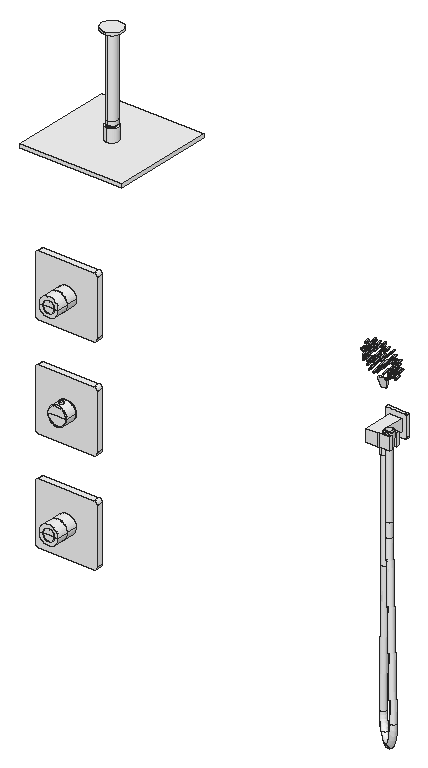
Revit family "Reece_Shower_American Standard_Cygnet_Shower Set_Overhead and Hand Shower_Square", category Plumbing Fixtures, Revit 2018
Family settings
  Round Connector Dimension = Use Diameter
  Part Type = Normal
  Work Plane-Based = Yes
  Always vertical = Yes
  Cut with Voids When Loaded = Yes
  Shared = Yes
  Room Calculation Point = Yes
Parameters (values of type "Chrome")
  URL = "https://www.reece.com.au/product/-9508977"
  Type Comments = "Shower"
  Reece_Shower_Visibility_Hand Shower_2 [instance] = not(Reece_Shower_Visibility_Hand Shower_1)  # no
  Reece_Shower_Visibility_Hand Shower_1 [instance] = yes
  Reece_Shower_Thermostatic Mixer Offset [instance] = 300 mm
  Reece_Shower_Thermostatic Mixer Height [instance] = 1250 mm
  Reece_Shower_Shower Room Width [instance] = 1500 mm
  Reece_Shower_Shower Room Height [instance] = 2300 mm
  Reece_Shower_Shower Room Depth [instance] = 1000 mm
  Reece_Shower_Shower Haed Offset [instance] = 250 mm
  Reece_Shower_Shower Arm Length [instance] = 200 mm
  Reece_Shower_PreSet Controller Offset [instance] = 1000 mm
  Reece_Shower_PreSet Controller Height [instance] = 1250 mm
  Reece_Shower_Overhead Shower Controller Offset [instance] = 300 mm
  Reece_Shower_Overhead Shower Controller Height [instance] = 1500 mm
  Reece_Shower_Inlet = 12 mm  # constant formula
  Reece_Shower_Hand Shower (2) Offset [instance] = 500 mm
  Reece_Shower_Hand Shower (1) Offset [instance] = 500 mm
  Reece_Shower_Hand Shower (1) Height [instance] = 1500 mm
  Reece_Shower_Hand Shower Controller Offset = 300 mm
  Reece_Shower_Hand Shower Controller Height [instance] = 1000 mm
  Reece_Shower_Hand Shower (2) Height [instance] = 1500 mm
  Reece_Shower_Body Shower Controller Offset [instance] = 300 mm
  Reece_Shower_Body Shower Controller Height [instance] = 750 mm
  Reece_Product_Web Page = "https://www.reece.com.au/product/-9508977"
  Reece_Product_Type = "Shower"  # constant formula
  Reece_Product_Sub Brand = "Cygnet"  # constant formula
  Reece_Product_Number = "9508977"
  Reece_Product_Mount = "Wall Mounted"
  Reece_Product_Description = "American Standard Cygnet Easyset Thermo Ctrl+Sqr Oh+H/Shwr"
  Reece_Product_Brand = "American Standard"  # constant formula
  Reece_Overall_Width [instance] = 758 mm
  Reece_Overall_Projection [instance] = 375 mm
  Reece_Overall_Height [instance] = 1625.5 mm
  Reece_Material_Secondary = Reece_Plastic_ABS
  Reece_Material_Main = Reece_Brass_Chrome
  Reece_Material_Colour = Reece_Plastic_White
  Reece_Detail_Shape = "Square"  # constant formula
  Reece_Detail_Disclaimer = "THIS FILE IS THE PROPERTY OF THE REECE GROUP. IT MAY NOT BE REPRODUCED, REVERSE-ENGINEERED OR MODIFIED. ANY REPUBLICATION, TRANSMISSION OR DISTRIBUTION FOR THE PURPOSE OF COMMERCIALLY EXPLOITING THE FILES IS PROHIBITED."  # constant formula
  Reece_Detail_Additional = "Overhead and Handshower"  # constant formula
  Model = "Cygnet"
  Manufacturer = "American Standard"
  Keynote = "Product #9508977, Reece_Shower_American Standard_Cygnet_Shower Set_Overhead and Hand Shower_Square - Chrome"
  Disclaimer = "THIS FILE IS THE PROPERTY OF THE REECE GROUP. IT MAY NOT BE REPRODUCED, REVERSE-ENGINEERED OR MODIFIED. ANY REPUBLICATION, TRANSMISSION OR DISTRIBUTION FOR THE PURPOSE OF COMMERCIALLY EXPLOITING THE FILES IS PROHIBITED."  # constant formula
  Description = "American Standard EasySET Thermo Controller Cygnet Square Overhead Hand Shower Chrome (3 Star)"
  Default Elevation = 0 mm
Reference planes
  plane 1 "Center (Front/Back)": y = 0
  plane 2 "Hand Shower (1) Height": z = 1500
  plane 3 "Center (Left/Right)": x = 0
  plane 4 "Bottom Of Invisible Line": z = -5
  plane 5 "Shower Head Hight": z = 2042
  plane 6: y = -64
  plane 7 "Hand Shower (1) CL": x = 500
  plane 8: x = 382.5
  plane 9: y = -375
  plane 10 "Shower Head CL": y = -250
  plane 11 "Body Shower Controller CL": x = -300
  plane 12 "PreSet Controller CL": x = -1000
  plane 13 "Overhead Shower Controller Height": z = 1500
  plane 14 "Overhead Shower Controller CL": x = -300
  plane 15 "Handshower Controller CL": x = -300
  plane 16 "Thermostatic Mixer CL": x = -300
  plane 17 "Shower Arm Length": z = 2100
  plane 18 "Thermostatic Mixer Height": z = 1250
  plane 19 "Hand Shower Controller Height": z = 1000
  plane 20 "Body Shower Controller Height": z = 750
  plane 21 "PreSet Controller Height": z = 1250
  plane 22: z = 674.5
  plane 23: x = -375.5
  plane 24 "Shower Room Height": z = 2300
  plane 25 "Shower Room Boundary (Right)": x = 750
  plane 26 "Shower Room Boundary (Left)": x = -750
  plane 27 "Shower Room Boundary (Front)": y = -1000
  plane 28 "Hand Shower (2) Height": z = 1500
  plane 29 "Hand Shower (2) CL": y = -500
  plane 30: x = 530
  plane 31: y = -530
  plane 32: x = 686
Forms (mm)
  Revolve 1, solid, material "Reece_Brass_Chrome" <- "Reece_Material_Main", visible <- "Reece_Shower_Visibility_Hand Shower_1"
    sketch origin (530, -9.85, -0.495) x (0, 1, 0) y (0, 0, 1)
      loop
        line (-62.65, 1519.5) -> (-63.553, 1519.5)
        arc (-63.553, 1519.5) -> (-63.983, 1519.319) -> (-64.152, 1518.883) r 0.598
        line (-64.152, 1518.883) -> (-63.25, 1486.077)
        arc (-63.25, 1486.077) -> (-63.068, 1485.664) -> (-62.65, 1485.495) r 0.6
        line (-62.65, 1485.495) -> (-61.15, 1485.495) -> (-61.15, 1487.5) -> (-54.15, 1487.5) -> (-54.15, 1511.5) -> (-62.65, 1511.5) -> (-62.65, 1519.5)
      axis (-54.15, 1485.495) -> (-54.15, 1519.5)
    angle from 0 to 360
  Extrusion 2, solid, material "Reece_Brass_Chrome" <- "Reece_Material_Main", visible <- "Reece_Shower_Visibility_Hand Shower_1"
    sketch origin (300, -50, 0) x (1, 0, 0) y (0, 0, 1)
      loop
        line (178, 1472) -> (222, 1472)
        arc (222, 1472) -> (224.828, 1473.172) -> (226, 1476) r 4
        line (226, 1476) -> (226, 1524)
        arc (226, 1524) -> (224.828, 1526.828) -> (222, 1528) r 4
        line (222, 1528) -> (178, 1528)
        arc (178, 1528) -> (175.172, 1526.828) -> (174, 1524) r 4
        line (174, 1524) -> (174, 1476)
        arc (174, 1476) -> (175.172, 1473.172) -> (178, 1472) r 4
    from -50 to -44
  Extrusion 3, solid, material "Reece_Brass_Chrome" <- "Reece_Material_Main", visible <- "Reece_Shower_Visibility_Hand Shower_1"
    sketch origin (0, 0, 1500) x (1, 0, 0) y (0, 1, 0)
      loop
        line (515, -6) -> (485, -6) -> (485, -80) -> (515, -80) -> (515, -78) -> (543, -78) -> (543, -72) -> (537.944, -72)
        arc (537.944, -72) -> (517, -64) -> (537.944, -56) r 12
        line (537.944, -56) -> (543, -56) -> (543, -50) -> (515, -50) -> (515, -6)
    from -15 to 15
  Extrusion 4, solid, material "Reece_Brass_Chrome" <- "Reece_Material_Main", visible <- "Reece_Shower_Visibility_Hand Shower_2"
    sketch origin (750, -1524, 1500) x (0, -1, 0) y (-1, 0, 0)
      loop
        line (-1009, 6) -> (-1009, 50) -> (-981, 50) -> (-981, 56) -> (-986.056, 56)
        arc (-986.056, 56) -> (-1007, 64) -> (-986.056, 72) r 12
        line (-986.056, 72) -> (-981, 72) -> (-981, 78) -> (-1009, 78) -> (-1009, 80) -> (-1039, 80) -> (-1039, 6) -> (-1009, 6)
    from -15 to 15
  Extrusion 5, solid, material "Reece_Brass_Chrome" <- "Reece_Material_Main", visible <- "Reece_Shower_Visibility_Hand Shower_2"
    sketch origin (0, 0, 0) x (0, 1, 0) y (0, 0, 1)
      loop
        arc (-478, 1472) -> (-475.172, 1473.172) -> (-474, 1476) r 4
        line (-474, 1476) -> (-474, 1524)
        arc (-474, 1524) -> (-475.172, 1526.828) -> (-478, 1528) r 4
        line (-478, 1528) -> (-522, 1528)
        arc (-522, 1528) -> (-524.828, 1526.828) -> (-526, 1524) r 4
        line (-526, 1524) -> (-526, 1476)
        arc (-526, 1476) -> (-524.828, 1473.172) -> (-522, 1472) r 4
        line (-522, 1472) -> (-478, 1472)
    from 744 to 750
  Revolve 6, solid, visible <- "Reece_Shower_Visibility_Hand Shower_2"
    sketch origin (0, -530, 0) x (1, 0, 0) y (0, 0, 1)
      loop
        line (677.5, 1519.005) -> (676.597, 1519.005)
        arc (676.597, 1519.005) -> (676.167, 1518.824) -> (675.998, 1518.388) r 0.598
        line (675.998, 1518.388) -> (676.9, 1485.581)
        arc (676.9, 1485.581) -> (677.082, 1485.169) -> (677.5, 1485) r 0.6
        line (677.5, 1485) -> (679, 1485) -> (679, 1487.005) -> (686, 1487.005) -> (686, 1511.005) -> (677.5, 1511.005) -> (677.5, 1519.005)
      axis (686, 1485) -> (686, 1519.005)
    angle from 0 to 360
Cuts and joins
  joined: Extrusion 2, Extrusion 3
  joined: Extrusion 4, Extrusion 5
Lines and regions (mm)
  symbolic lines, style "Boundary Lines"
    curve 1: line (750, 0, 0) -> (750, -1000, 0)
    curve 2: line (750, -1000, 0) -> (-750, -1000, 0)
    curve 3: line (-750, -1000, 0) -> (-750, 0, 0)
    curve 4: line (-750, 0, 0) -> (750, 0, 0)
  model lines, style "InvisibleLines"
    curve 5: line (0, 0, -5) -> (0, 0, 2300)
Text (mm)
  text "Reece ©" at (2739.743, -2522.492, 2754.578), in view "Reece Preview"
  text "Reece Copyright © 2018, Reece Ltd." at (-289.494, -398.03, 0), in view "Ref. Level"
Dimensions and locks
  locked: level to plane 4 "Bottom Of Invisible Line" at 5
  locked: plane 1 "Center (Front/Back)" to plane 6 at 64
  "Reece_Shower_Shower Room Height": plane 24 "Shower Room Height" to level
  "Reece_Shower_Shower Room Width": plane 26 "Shower Room Boundary (Left)" to plane 25 "Shower Room Boundary (Right)"
  "Reece_Shower_Shower Room Depth": plane 27 "Shower Room Boundary (Front)" to plane 1 "Center (Front/Back)"
  "Reece_Shower_PreSet Controller Height": plane 21 "PreSet Controller Height" to level
  "Reece_Shower_Overhead Shower Controller Height": plane 13 "Overhead Shower Controller Height" to level
  "Reece_Shower_Thermostatic Mixer Height": plane 18 "Thermostatic Mixer Height" to level
  locked: plane 17 "Shower Arm Length" to plane 5 "Shower Head Hight" at 58
  "Reece_Shower_Shower Arm Length": plane 24 "Shower Room Height" to plane 17 "Shower Arm Length"
  "Reece_Shower_Hand Shower (1) Height": plane 2 "Hand Shower (1) Height" to level
  "Reece_Shower_Hand Shower (1) Offset": plane 3 "Center (Left/Right)" to plane 7 "Hand Shower (1) CL"
  "Reece_Shower_Hand Shower Controller Height": plane 19 "Hand Shower Controller Height" to level
  "Reece_Shower_Body Shower Controller Height": plane 20 "Body Shower Controller Height" to level
  "Reece_Shower_Shower Haed Offset": plane 10 "Shower Head CL" to plane 1 "Center (Front/Back)"
  "Reece_Overall_Projection": plane 9 to plane 1 "Center (Front/Back)"
  "Reece_Overall_Width": plane 23 to plane 8
  "Reece_Shower_Thermostatic Mixer Offset": plane 16 "Thermostatic Mixer CL" to plane 3 "Center (Left/Right)"
  "Reece_Shower_Hand Shower Controller Offset": plane 15 "Handshower Controller CL" to plane 3 "Center (Left/Right)"
  "Reece_Shower_Overhead Shower Controller Offset": plane 14 "Overhead Shower Controller CL" to plane 3 "Center (Left/Right)"
  "Reece_Shower_PreSet Controller Offset": plane 12 "PreSet Controller CL" to plane 3 "Center (Left/Right)"
  "Reece_Shower_Body Shower Controller Offset": plane 11 "Body Shower Controller CL" to plane 3 "Center (Left/Right)"
  "Reece_Overall_Height": plane 24 "Shower Room Height" to plane 22
  locked: plane 7 "Hand Shower (1) CL" to plane 30 at 30
  locked: plane 29 "Hand Shower (2) CL" to plane 31 at 30
  locked: plane 32 to plane 25 "Shower Room Boundary (Right)" at 64
  equal spacing: plane 26 "Shower Room Boundary (Left)", plane 3 "Center (Left/Right)", plane 25 "Shower Room Boundary (Right)"
  "Reece_Shower_Hand Shower (2) Offset": plane 29 "Hand Shower (2) CL" to plane 1 "Center (Front/Back)"
  "Reece_Shower_Hand Shower (2) Height": plane 28 "Hand Shower (2) Height" to level
  locked: Revolve 6 sketch curve to plane 28 "Hand Shower (2) Height" at 11.005
  locked: plane 28 "Hand Shower (2) Height" to Revolve 6 sketch curve at 12.995
  locked: Extrusion 5 sketch curve to plane 28 "Hand Shower (2) Height" at 28
  aligned and locked: nested 1 to plane 10 "Shower Head CL"
  aligned and locked: plane 6 to nested 2
  aligned and locked: plane 13 "Overhead Shower Controller Height" to nested 4
  aligned and locked: nested 4 to plane 14 "Overhead Shower Controller CL"
  aligned and locked: nested 5 to plane 15 "Handshower Controller CL"
  aligned and locked: nested 3 to plane 16 "Thermostatic Mixer CL"
  aligned and locked: nested 3 to plane 18 "Thermostatic Mixer Height"
  aligned and locked: nested 5 to plane 19 "Hand Shower Controller Height"
  aligned and locked: nested 1 to plane 17 "Shower Arm Length"
  aligned and locked: nested 1 to plane 5 "Shower Head Hight"
  aligned and locked: nested 1 to plane 24 "Shower Room Height"
  aligned and locked: plane 3 "Center (Left/Right)" to curve 5
  aligned and locked: plane 24 "Shower Room Height" to curve 5
  aligned and locked: nested 2 to plane 30
  aligned and locked: plane 30 to Revolve 1
  aligned and locked: nested 7 to plane 2 "Hand Shower (1) Height"
  aligned and locked: plane 7 "Hand Shower (1) CL" to nested 7
  aligned and locked: nested 8 to plane 29 "Hand Shower (2) CL"
  aligned and locked: plane 25 "Shower Room Boundary (Right)" to curve 1
  aligned and locked: plane 1 "Center (Front/Back)" to curve 4
  aligned and locked: plane 26 "Shower Room Boundary (Left)" to curve 3
  aligned and locked: plane 27 "Shower Room Boundary (Front)" to curve 2
  aligned and locked: Extrusion 5 to plane 25 "Shower Room Boundary (Right)"
  aligned and locked: plane 31 to Revolve 6
Automatic sketch dimensions
  curve 5 to plane 4 "Bottom Of Invisible Line" = 0 mm
  Revolve 1 sketch curve to plane 6 = 0 mm  (x2)
  plane 6 to Revolve 1 sketch curve = 7 mm
  plane 6 to Revolve 1 sketch curve = 8.5 mm
  Revolve 1 sketch curve to Revolve 1 sketch curve = 1.5 mm
  Revolve 1 sketch curve to Revolve 1 sketch curve = 0.6 mm
  Revolve 1 sketch curve to Revolve 1 sketch curve = 0.903 mm
  Revolve 1 sketch curve to Revolve 1 sketch curve = 0.002 mm
  Revolve 1 sketch curve to Revolve 1 sketch curve = 0.598 mm
  Revolve 1 sketch curve to plane 2 "Hand Shower (1) Height" = 15 mm
  Revolve 1 sketch curve to Revolve 1 sketch curve = 0.581 mm
  Revolve 1 sketch curve to Revolve 1 sketch curve = 2.005 mm
  plane 2 "Hand Shower (1) Height" to Revolve 1 sketch curve = 11.005 mm
  Revolve 1 sketch curve to Revolve 1 sketch curve = 7.383 mm
  Revolve 1 sketch curve to Revolve 1 sketch curve = 0.019 mm
  Revolve 1 sketch curve to Revolve 1 sketch curve = 13.613 mm
  Revolve 1 sketch curve to Revolve 1 sketch curve = 9.5 mm
  plane 7 "Hand Shower (1) CL" to Extrusion 2 sketch curve = 26 mm
  Extrusion 2 sketch curve to Extrusion 2 sketch curve = 4 mm  (x2)
  plane 30 to Extrusion 2 sketch curve = 8 mm  (x2)
  plane 30 to Extrusion 2 sketch curve = 4 mm
  Extrusion 2 sketch curve to plane 2 "Hand Shower (1) Height" = 28 mm
  plane 2 "Hand Shower (1) Height" to Extrusion 2 sketch curve = 24 mm
  plane 6 to Extrusion 3 sketch curve = 0 mm
  plane 1 "Center (Front/Back)" to Extrusion 3 sketch curve = 6 mm
  plane 7 "Hand Shower (1) CL" to Extrusion 3 sketch curve = 15 mm
  Extrusion 3 sketch curve to plane 7 "Hand Shower (1) CL" = 15 mm  (x2)
  plane 30 to Extrusion 3 sketch curve = 1 mm
  Extrusion 3 sketch curve to plane 30 = 7.944 mm  (x2)
  Extrusion 3 sketch curve to Extrusion 3 sketch curve = 5.056 mm  (x2)
  plane 6 to Extrusion 3 sketch curve = 8 mm
  plane 6 to Extrusion 3 sketch curve = 14 mm
  Extrusion 3 sketch curve to Extrusion 3 sketch curve = 2 mm
  Extrusion 3 sketch curve to Extrusion 3 sketch curve = 6 mm
  Extrusion 4 sketch curve to plane 32 = 0 mm
  plane 25 "Shower Room Boundary (Right)" to Extrusion 4 sketch curve = 6 mm
  Extrusion 4 sketch curve to plane 29 "Hand Shower (2) CL" = 15 mm
  plane 29 "Hand Shower (2) CL" to Extrusion 4 sketch curve = 15 mm  (x2)
  Extrusion 4 sketch curve to plane 31 = 1 mm
  plane 31 to Extrusion 4 sketch curve = 7.944 mm  (x2)
  Extrusion 4 sketch curve to Extrusion 4 sketch curve = 5.056 mm  (x2)
  plane 32 to Extrusion 4 sketch curve = 8 mm
  plane 32 to Extrusion 4 sketch curve = 14 mm
  Extrusion 4 sketch curve to Extrusion 4 sketch curve = 2 mm
  Extrusion 4 sketch curve to Extrusion 4 sketch curve = 6 mm
  Extrusion 5 sketch curve to plane 31 = 4 mm
  Extrusion 5 sketch curve to Extrusion 5 sketch curve = 4 mm  (x3)
  Extrusion 5 sketch curve to plane 29 "Hand Shower (2) CL" = 22 mm  (x2)
  plane 28 "Hand Shower (2) Height" to Extrusion 5 sketch curve = 28 mm
  plane 32 to Revolve 6 sketch curve = 0 mm  (x2)
  plane 32 to Revolve 6 sketch curve = 7 mm
  plane 32 to Revolve 6 sketch curve = 8.5 mm
  Revolve 6 sketch curve to Revolve 6 sketch curve = 1.5 mm
  Revolve 6 sketch curve to Revolve 6 sketch curve = 0.6 mm
  Revolve 6 sketch curve to Revolve 6 sketch curve = 0.903 mm
  Revolve 6 sketch curve to Revolve 6 sketch curve = 0.002 mm
  Revolve 6 sketch curve to Revolve 6 sketch curve = 0.598 mm
  Revolve 6 sketch curve to Revolve 6 sketch curve = 0.581 mm
  Revolve 6 sketch curve to Revolve 6 sketch curve = 2.005 mm
  Revolve 6 sketch curve to Revolve 6 sketch curve = 7.383 mm
  Revolve 6 sketch curve to Revolve 6 sketch curve = 0.019 mm
  Revolve 6 sketch curve to Revolve 6 sketch curve = 13.613 mm
  Revolve 6 sketch curve to Revolve 6 sketch curve = 9.5 mm
Nested families
  nested 1: "Reece_Shower_American Standard_Cygnet_Overhead Shower_Square_Nested" at (0, -250, 2300) x (0, -1, 0) z (0, 0, -1), Reece_Material_Main <- "Reece_Material_Main", Reece_Material_Secondary <- "Reece_Material_Secondary", Reece_Shower_Shower Arm Length <- "Reece_Shower_Shower Arm Length", type "Chrome"
    with Reece_Shower_Shower Arm Length 200 mm, Reece_Material_Secondary Reece_Plastic_ABS, Reece_Material_Main Reece_Brass_Chrome
  nested 2: "Reece_Shower_American Standard_Cygnet_Shower Handpiece_Square_Nested" at (530, -64, 1511.005), Reece_Material_Main <- "Reece_Material_Main", Reece_Material_Secondary <- "Reece_Material_Secondary", Reece_Material_Colour <- "Reece_Material_Colour", visible <- "Reece_Shower_Visibility_Hand Shower_1", type "Chrome"
    with Reece_Material_Secondary Reece_Plastic_ABS, Reece_Material_Main Reece_Brass_Chrome, Reece_Material_Colour Reece_Plastic_White
  nested 3: "Reece_Shower_American Standard_EasySet_Thermostatic Mixer_Nested" at (-300, 0, 1250) x (-1, 0, 0) z (0, -1, 0), Reece_Material_Main <- "Reece_Material_Main", type "Chrome"
    with Reece_Material_Main Reece_Brass_Chrome
  nested 4: "Reece_Shower_American Standard_EasySET_Overhead Shower Controller_Nested" at (-300, 0, 1500) x (-1, 0, 0) z (0, -1, 0), Reece_Material_Main <- "Reece_Material_Main", type "Chrome"
    with Reece_Material_Main Reece_Brass_Chrome
  nested 5: "Reece_Shower_American Standard_EasySET_Hand Shower Controller_Nested" at (-300, 0, 1000) x (-1, 0, 0) z (0, -1, 0), Reece_Material_Main <- "Reece_Material_Main", type "Chrome"
    with Reece_Material_Main Reece_Brass_Chrome
  nested 6: "Reece_Shower_American Standard_Cygnet_Shower Handpiece_Square_Nested" at (686, -530, 1511.005) x (0, -1, 0) z (0, 0, 1), Reece_Material_Main <- "Reece_Material_Main", Reece_Material_Secondary <- "Reece_Material_Secondary", Reece_Material_Colour <- "Reece_Material_Colour", visible <- "Reece_Shower_Visibility_Hand Shower_2", type "Chrome"
    with Reece_Material_Secondary Reece_Plastic_ABS, Reece_Material_Main Reece_Brass_Chrome, Reece_Material_Colour Reece_Plastic_White
  nested 7: "Reece_Shower_American Standard_Cygnet_Shower Hose_Nested" at (500, -39.993, 1500) x (1, 0, 0) z (0, 0, -1), Reece_Material_Main <- "Reece_Material_Main", visible <- "Reece_Shower_Visibility_Hand Shower_1", type "Chrome"
    with Reece_Shower_Visibility_Hand Shower_1 yes, Reece_Material_Main Reece_Brass_Chrome
  nested 8: "Reece_Shower_American Standard_Cygnet_Shower Hose_Nested" at (710.007, -500, 1500) x (0, -1, 0) z (0, 0, -1), Reece_Material_Main <- "Reece_Material_Main", visible <- "Reece_Shower_Visibility_Hand Shower_2", type "Chrome"
    with Reece_Shower_Visibility_Hand Shower_1 yes, Reece_Material_Main Reece_Brass_Chrome
Connectors
  piping at (500, 0, 1500), diameter 12, driven by "Reece_Shower_Inlet"
    settings: on cut or joined group of Extrusion 2, Extrusion 3, index 5, connector inside diameter 609.6 mm, connector length 0 mm, flow factor 0, pipe flow 0.0 L/s, pressure drop 0.0 Pa, fitting loss kfactor 0, connector angle 0.00°, fixture units 0, engagement length 0 mm, angle of deflection 0.00°, flow configuration 0, flow direction 1, fitting loss method 0, system type 29, joint type 0, gender type 0, connector reference index -1, connector utility 0, adjustable connector no, is connector primary yes, connector description ""
  piping at (-300, 0, 1500), diameter 12, driven by "Reece_Shower_Inlet"
    settings: on nested 4, index 6, connector inside diameter 609.6 mm, connector length 0 mm, flow factor 0, pipe flow 0.0 L/s, pressure drop 0.0 Pa, fitting loss kfactor 0, connector angle 0.00°, fixture units 0, engagement length 0 mm, angle of deflection 0.00°, flow configuration 0, flow direction 1, fitting loss method 0, system type 29, joint type 0, gender type 0, connector reference index -1, connector utility 0, adjustable connector no, is connector primary no, connector description ""
  piping at (-300, 0, 1250), diameter 12, driven by "Reece_Shower_Inlet"
    settings: on nested 3, index 7, connector inside diameter 609.6 mm, connector length 0 mm, flow factor 0, pipe flow 0.0 L/s, pressure drop 0.0 Pa, fitting loss kfactor 0, connector angle 0.00°, fixture units 0, engagement length 0 mm, angle of deflection 0.00°, flow configuration 0, flow direction 1, fitting loss method 0, system type 29, joint type 0, gender type 0, connector reference index -1, connector utility 0, adjustable connector no, is connector primary no, connector description ""
  piping at (-300, 0, 1000), diameter 12, driven by "Reece_Shower_Inlet"
    settings: on nested 5, index 8, connector inside diameter 609.6 mm, connector length 0 mm, flow factor 0, pipe flow 0.0 L/s, pressure drop 0.0 Pa, fitting loss kfactor 0, connector angle 0.00°, fixture units 0, engagement length 0 mm, angle of deflection 0.00°, flow configuration 0, flow direction 1, fitting loss method 0, system type 29, joint type 0, gender type 0, connector reference index -1, connector utility 0, adjustable connector no, is connector primary no, connector description ""
  piping at (750, -500, 1500), diameter 12, driven by "Reece_Shower_Inlet"
    settings: on cut or joined group of Extrusion 4, Extrusion 5, index 11, connector inside diameter 609.6 mm, connector length 0 mm, flow factor 0, pipe flow 0.0 L/s, pressure drop 0.0 Pa, fitting loss kfactor 0, connector angle 0.00°, fixture units 0, engagement length 0 mm, angle of deflection 0.00°, flow configuration 0, flow direction 1, fitting loss method 0, system type 29, joint type 0, gender type 0, connector reference index -1, connector utility 0, adjustable connector no, is connector primary no, connector description ""
Definition of nested family "Reece_Shower_American Standard_Cygnet_Overhead Shower_Square_Nested"
  Parameters (values of type "Chrome")
    Waste Connection = no
    WFU = 0
    Vent Connection = no
    URL = ""
    Type Comments = ""
    Reece_Shower_Shower Arm Length [instance] = 142 mm
    Reece_Material_Secondary [instance] = none
    Reece_Material_Main [instance] = none
    Model = ""
    Manufacturer = ""
    Keynote = ""
    HWFU = 0
    HW Connection = no
    Description = ""
    Default Elevation = 0 mm
    Cost = 0
    CWFU = 0
    CW Connection = no
    Assembly Code = ""
  Reference planes
    plane 1 "Center (Front/Back)": y = 0
    plane 2: z = 0
    plane 3 "Center (Left/Right)": x = 0
    plane 4: x = 125
    plane 5: x = -125
    plane 6: y = 125
    plane 7: y = -125
    plane 8: z = 142
    plane 9: z = 188
    plane 10: z = 200
  Forms (mm)
    Extrusion 1, solid
      sketch origin (619.2, 20, 0) x (1, 0, 0) y (0, 1, 0)
        loop
          line (-819.2, 180) -> (-819.2, -220) -> (-419.2, -220) -> (-419.2, 180) -> (-819.2, 180)
      from 0 to -35.776
    Revolve 2, solid, material <- "Reece_Material_Main"
      sketch origin (0, 0, -83.036) x (1, 0, 0) y (0, 0, 1)
        loop
          line (0, 225.036) -> (0, 271.036) -> (-15.5, 271.036) -> (-15.5, 241.036) -> (-9.5, 241.036) -> (-9.5, 239.036) -> (-12.5, 236.036) -> (-12.5, 225.036) -> (0, 225.036)
        axis (0, 271.036) -> (0, 225.036)
      angle from 0 to 360
    Extrusion 3, solid, material <- "Reece_Material_Main"
      sketch origin (0, 0, 0) x (1, 0, 0) y (0, 1, 0)
        loop
          line (125, 125) -> (-125, 125) -> (-125, -125) -> (125, -125) -> (125, 125)
      from 188 to 197
    Extrusion 4, solid, material <- "Reece_Material_Main"
      sketch origin (0, 0, 0) x (1, 0, 0) y (0, 1, 0)
        loop
          circle (0, 0) r 12.5
      from 5 to 142
    Extrusion 5, solid, material <- "Reece_Material_Main"
      sketch origin (0, 0, 0) x (1, 0, 0) y (0, 1, 0)
        loop
          circle (0, 0) r 25
      from 0 to 5
    Extrusion 6, solid, material <- "Reece_Material_Secondary", detail levels fine
      sketch origin (0, 0, 0) x (1, 0, 0) y (0, 1, 0)
        loop
          circle (-99, 99) r 3
        loop
          circle (-77, 99) r 3
        loop
          circle (-55, 99) r 3
        loop
          circle (-33, 99) r 3
        loop
          circle (-11, 99) r 3
        loop
          circle (99, 99) r 3
        loop
          circle (77, 99) r 3
        loop
          circle (55, 99) r 3
        loop
          circle (33, 99) r 3
        loop
          circle (11, 99) r 3
        loop
          circle (-99, 77) r 3
        loop
          circle (-77, 77) r 3
        loop
          circle (-55, 77) r 3
        loop
          circle (-33, 77) r 3
        loop
          circle (-11, 77) r 3
        loop
          circle (99, 77) r 3
        loop
          circle (77, 77) r 3
        loop
          circle (55, 77) r 3
        loop
          circle (33, 77) r 3
        loop
          circle (11, 77) r 3
        loop
          circle (-99, 55) r 3
        loop
          circle (-77, 55) r 3
        loop
          circle (-55, 55) r 3
        loop
          circle (-33, 55) r 3
        loop
          circle (-11, 55) r 3
        loop
          circle (99, 55) r 3
        loop
          circle (77, 55) r 3
        loop
          circle (55, 55) r 3
        loop
          circle (33, 55) r 3
        loop
          circle (11, 55) r 3
        loop
          circle (-99, 33) r 3
        loop
          circle (-77, 33) r 3
        loop
          circle (-55, 33) r 3
        loop
          circle (-33, 33) r 3
        loop
          circle (-11, 33) r 3
        loop
          circle (99, 33) r 3
        loop
          circle (77, 33) r 3
        loop
          circle (55, 33) r 3
        loop
          circle (33, 33) r 3
        loop
          circle (11, 33) r 3
        loop
          circle (-99, 11) r 3
        loop
          circle (-77, 11) r 3
        loop
          circle (-55, 11) r 3
        loop
          circle (-33, 11) r 3
        loop
          circle (-11, 11) r 3
        loop
          circle (99, 11) r 3
        loop
          circle (77, 11) r 3
        loop
          circle (55, 11) r 3
        loop
          circle (33, 11) r 3
        loop
          circle (11, 11) r 3
        loop
          circle (-99, -99) r 3
        loop
          circle (-77, -99) r 3
        loop
          circle (-55, -99) r 3
        loop
          circle (-33, -99) r 3
        loop
          circle (-11, -99) r 3
        loop
          circle (99, -99) r 3
        loop
          circle (77, -99) r 3
        loop
          circle (55, -99) r 3
        loop
          circle (33, -99) r 3
        loop
          circle (11, -99) r 3
        loop
          circle (-99, -77) r 3
        loop
          circle (-77, -77) r 3
        loop
          circle (-55, -77) r 3
        loop
          circle (-33, -77) r 3
        loop
          circle (-11, -77) r 3
        loop
          circle (99, -77) r 3
        loop
          circle (77, -77) r 3
        loop
          circle (55, -77) r 3
        loop
          circle (33, -77) r 3
        loop
          circle (11, -77) r 3
        loop
          circle (-99, -55) r 3
        loop
          circle (-77, -55) r 3
        loop
          circle (-55, -55) r 3
        loop
          circle (-33, -55) r 3
        loop
          circle (-11, -55) r 3
        loop
          circle (99, -55) r 3
        loop
          circle (77, -55) r 3
        loop
          circle (55, -55) r 3
        loop
          circle (33, -55) r 3
        loop
          circle (11, -55) r 3
        loop
          circle (-99, -33) r 3
        loop
          circle (-77, -33) r 3
        loop
          circle (-55, -33) r 3
        loop
          circle (-33, -33) r 3
        loop
          circle (-11, -33) r 3
        loop
          circle (99, -33) r 3
        loop
          circle (77, -33) r 3
        loop
          circle (55, -33) r 3
        loop
          circle (33, -33) r 3
        loop
          circle (11, -33) r 3
        loop
          circle (-99, -11) r 3
        loop
          circle (-77, -11) r 3
        loop
          circle (-55, -11) r 3
        loop
          circle (-33, -11) r 3
        loop
          circle (-11, -11) r 3
        loop
          circle (99, -11) r 3
        loop
          circle (77, -11) r 3
        loop
          circle (55, -11) r 3
        loop
          circle (33, -11) r 3
        loop
          circle (11, -11) r 3
      from 197 to 200
  Cuts and joins
    joined: Revolve 2, Extrusion 3
  Text (mm)
    text "Reece Copyright © 2018, Reece Ltd." at (-684.407, -223.434, 0), in view "Ref. Level"
    text "Reece ©" at (290.323, 26.521, 334.836), in view "Reece_Preview"
  Dimensions and locks
    plane 5 to plane 4 = 250 mm
    equal spacing: plane 5, plane 3 "Center (Left/Right)", plane 4
    equal spacing: plane 7, plane 1 "Center (Front/Back)", plane 6
    plane 6 to plane 7 = 250 mm
    "Reece_Shower_Shower Arm Length": level to plane 8
    locked: plane 8 to plane 10 at 58
    plane 9 to plane 10 = 12 mm
    locked: plane 10 to cut or joined group of Revolve 2, Extrusion 3 at 3
    locked: cut or joined group of Revolve 2, Extrusion 3 to plane 9 at 9
    aligned and locked: Extrusion 1 to plane 2
    aligned and locked: level to Extrusion 1
    aligned and locked: plane 9 to cut or joined group of Revolve 2, Extrusion 3  (x2)
    aligned and locked: Extrusion 4 to plane 8
    aligned and locked: Revolve 2 sketch curve to plane 3 "Center (Left/Right)"
    aligned and locked: Extrusion 6 to cut or joined group of Revolve 2, Extrusion 3
    aligned and locked: Extrusion 6 to plane 10
  Automatic sketch dimensions
    Extrusion 1 sketch curve to Extrusion 1 sketch curve = 400 mm  (x2)
    plane 1 "Center (Front/Back)" to Extrusion 4 sketch curve = 0 mm
    Extrusion 4 sketch curve to plane 3 "Center (Left/Right)" = 0 mm
    plane 1 "Center (Front/Back)" to Extrusion 5 sketch curve = 0 mm
    Extrusion 5 sketch curve to plane 3 "Center (Left/Right)" = 0 mm
    Extrusion 3 sketch curve to plane 5 = 0 mm
    Extrusion 3 sketch curve to plane 4 = 0 mm
    plane 7 to Extrusion 3 sketch curve = 0 mm
    Extrusion 3 sketch curve to plane 6 = 0 mm
    Revolve 2 sketch curve to plane 9 = 0 mm
    Revolve 2 sketch curve to plane 8 = 0 mm
    Revolve 2 sketch curve to plane 3 "Center (Left/Right)" = 0 mm
    Revolve 2 sketch curve to plane 3 "Center (Left/Right)" = 9.5 mm
    Revolve 2 sketch curve to Revolve 2 sketch curve = 3 mm  (x2)
    Revolve 2 sketch curve to Revolve 2 sketch curve = 6 mm
    plane 9 to Revolve 2 sketch curve = 35 mm
    Revolve 2 sketch curve to Revolve 2 sketch curve = 2 mm
    plane 8 to Revolve 2 sketch curve = 53.765 mm
    Revolve 2 sketch curve to plane 10 = 26.199 mm
    plane 5 to Extrusion 6 sketch curve = 26 mm  (x2)
    plane 1 "Center (Front/Back)" to Extrusion 6 sketch curve = 11 mm  (x10)
    Extrusion 6 sketch curve to Extrusion 6 sketch curve = 0 mm  (x51)
    Extrusion 6 sketch curve to plane 1 "Center (Front/Back)" = 11 mm  (x10)
    Extrusion 6 sketch curve to Extrusion 6 sketch curve = 22 mm  (x107)
    Extrusion 6 sketch curve to plane 3 "Center (Left/Right)" = 11 mm  (x10)
    plane 3 "Center (Left/Right)" to Extrusion 6 sketch curve = 11 mm  (x10)
    radius of Extrusion 4 sketch curve = 12.5 mm
    radius of Extrusion 5 sketch curve = 25 mm
    radius of Extrusion 6 sketch curve = 3 mm  (x100)
Definition of nested family "Reece_Shower_American Standard_Cygnet_Shower Handpiece_Square_Nested"
  Parameters (values of type "Reece_Shower_American Standard_Cygnet_Shower Handpiece_Square_Nested")
    Waste Connection = no
    WFU = 0
    Vent Connection = no
    URL = ""
    Type Comments = ""
    Reece_Material_Secondary [instance] = none
    Reece_Material_Main [instance] = none
    Reece_Material_Colour [instance] = none
    Model = ""
    Manufacturer = ""
    Keynote = ""
    HWFU = 0
    HW Connection = no
    Description = ""
    Default Elevation = 0 mm
    Cost = 0
    CWFU = 0
    CW Connection = no
    Assembly Code = ""
  Types (2): name
    Reece_Shower_American Standard_Cygnet_Shower Handpiece_Square_Nested
    Chrome
  Reference planes
    plane 1 "Center (Front/Back)": y = 0
    plane 2: z = 0
    plane 3 "Center (Left/Right)": x = 0
    plane 4: z = 230
    plane 5: x = 53.5
    plane 6: x = -53.5
    plane 7: z = 10.037
    plane 8: through (0, 4.579, 169.807) normal (0, 0.9744, 0.225)
    plane 9: through (0, -29.074, 162.04) normal (0, 0.9781, 0.208)
  Forms (mm)
    Extrusion 1, solid
      sketch origin (619.2, 20, 0) x (1, 0, 0) y (0, 1, 0)
        loop
          line (-843.153, 203.827) -> (-843.153, -206.911) -> (-435.255, -206.911) -> (-435.255, 203.827) -> (-843.153, 203.827)
      from 0 to -35.776
    Revolve 2, solid, material <- "Reece_Material_Main"
      sketch origin (0, 0, 0) x (0, 1, 0) y (0, 0, 1)
        loop
          line (-8.5, 10) -> (-8.5, 0) -> (-7.5, 0) -> (-7.5, 10) -> (-8.5, 10)
        axis (0, 0) -> (0, 10)
      angle from 0 to 360
    Extrusion 3, solid, material <- "Reece_Material_Main"
      sketch origin (82.334, -21.526, -6.475) x (1, 0, 0) y (0, -0.223406, 0.974726)
        loop
          arc (-88.259, 137.26) -> (-91.803, 135.527) -> (-93.251, 131.858) r 5.454
          arc (-93.251, 131.858) -> (-92.16, 122.342) -> (-88.837, 113.358) r 40
          arc (-88.837, 113.358) -> (-87.732, 112.167) -> (-86.168, 111.728) r 3
          line (-86.168, 111.728) -> (-78.499, 111.728)
          arc (-78.499, 111.728) -> (-76.935, 112.167) -> (-75.83, 113.358) r 3
          arc (-75.83, 113.358) -> (-72.507, 122.342) -> (-71.416, 131.858) r 40
          arc (-71.416, 131.858) -> (-72.864, 135.527) -> (-76.408, 137.26) r 5.454
          arc (-76.408, 137.26) -> (-82.334, 137.511) -> (-88.259, 137.26) r 70
      from -33.28 to -31.114
    Extrusion 4, solid, material <- "Reece_Material_Colour", detail levels fine
      sketch origin (477.193, 7.358, 67.873) x (1, 0, 0) y (0, -0.223406, 0.974726)
        loop
          circle (-477.172, 99.644) r 1.425
        loop
          circle (-467.686, 106.536) r 1.425
        loop
          circle (-471.309, 117.689) r 1.425
        loop
          circle (-483.036, 117.689) r 1.425
        loop
          circle (-486.659, 106.536) r 1.425
        loop
          circle (-487.249, 119.695) r 1.425
        loop
          circle (-483.642, 122.315) r 1.425
        loop
          circle (-470.703, 122.315) r 1.425
        loop
          circle (-467.096, 119.695) r 1.425
        loop
          circle (-489.869, 103.149) r 1.425
        loop
          circle (-491.247, 107.389) r 1.425
        loop
          circle (-474.943, 95.544) r 1.425
        loop
          circle (-479.402, 95.544) r 1.425
        loop
          circle (-464.476, 103.149) r 1.425
        loop
          circle (-463.098, 107.389) r 1.425
        loop
          circle (-484.057, 135.312) r 1.425
        loop
          circle (-495.982, 128.428) r 1.425
        loop
          circle (-503.325, 116.626) r 1.425
        loop
          circle (-503.325, 102.611) r 1.425
        loop
          circle (-496.317, 90.474) r 1.425
        loop
          circle (-484.18, 83.466) r 1.425
        loop
          circle (-470.288, 135.312) r 1.425
        loop
          circle (-458.363, 128.428) r 1.425
        loop
          circle (-451.02, 116.626) r 1.425
        loop
          circle (-451.02, 102.611) r 1.425
        loop
          circle (-458.028, 90.474) r 1.425
        loop
          circle (-470.165, 83.466) r 1.425
        loop
          circle (-511.847, 109.619) r 1.425
        loop
          circle (-485.655, 141.277) r 1.425
        loop
          circle (-477.172, 142.869) r 1.425
        loop
          circle (-493.797, 138.414) r 1.425
        loop
          circle (-500.348, 132.794) r 1.425
        loop
          circle (-505.968, 126.244) r 1.425
        loop
          circle (-509.29, 118.224) r 1.425
        loop
          circle (-509.29, 101.013) r 1.425
        loop
          circle (-505.968, 92.994) r 1.425
        loop
          circle (-500.684, 86.107) r 1.425
        loop
          circle (-493.797, 80.823) r 1.425
        loop
          circle (-468.69, 141.277) r 1.425
        loop
          circle (-460.547, 138.414) r 1.425
        loop
          circle (-453.997, 132.794) r 1.425
        loop
          circle (-448.377, 126.244) r 1.425
        loop
          circle (-445.055, 118.224) r 1.425
        loop
          circle (-443.922, 109.619) r 1.425
        loop
          circle (-445.055, 101.013) r 1.425
        loop
          circle (-448.377, 92.994) r 1.425
        loop
          circle (-453.661, 86.107) r 1.425
        loop
          circle (-460.547, 80.823) r 1.425
        loop
          circle (-504.714, 137.16) r 1.425
        loop
          circle (-449.631, 137.16) r 1.425
        loop
          circle (-449.295, 81.741) r 1.425
        loop
          circle (-505.05, 81.741) r 1.425
      from 0 to 20
    Extrusion 5, solid, material <- "Reece_Material_Colour", detail levels fine
      sketch origin (477.193, 7.358, 67.873) x (1, 0, 0) y (0, -0.223406, 0.974726)
        loop
          circle (-477.193, 151.045) r 1.5
        loop
          circle (-487.804, 149.148) r 1.5
        loop
          circle (-517.279, 120.286) r 1.5
        loop
          circle (-517.279, 98.804) r 1.5
        loop
          circle (-435.693, 109.545) r 1.5
        loop
          circle (-466.581, 149.148) r 1.5
        loop
          circle (-437.107, 120.286) r 1.5
        loop
          circle (-437.107, 98.804) r 1.5
        loop
          circle (-518.693, 109.545) r 1.5
      from 0 to 15
    Extrusion 6, solid, material <- "Reece_Material_Colour", detail levels fine
      sketch origin (477.193, 7.358, 67.873) x (1, 0, 0) y (0, -0.223406, 0.974726)
        loop
          circle (-488.984, 153.712) r 1.425
        loop
          circle (-509.426, 141.91) r 1.425
        loop
          circle (-521.687, 121.591) r 1.425
        loop
          circle (-521.687, 97.741) r 1.425
        loop
          circle (-509.762, 77.086) r 1.425
        loop
          circle (-465.38, 153.712) r 1.425
        loop
          circle (-444.938, 141.91) r 1.425
        loop
          circle (-432.677, 121.591) r 1.425
        loop
          circle (-432.677, 97.741) r 1.425
        loop
          circle (-444.602, 77.086) r 1.425
      from 0 to 16.643
    Extrusion 7, solid, material <- "Reece_Material_Colour", detail levels fine
      sketch origin (477.193, 7.358, 67.873) x (1, 0, 0) y (0, -0.223406, 0.974726)
        loop
          circle (-496.951, 143.79) r 1.425
        loop
          circle (-511.382, 129.36) r 1.425
        loop
          circle (-511.382, 89.935) r 1.425
        loop
          circle (-496.951, 75.504) r 1.425
        loop
          circle (-457.526, 143.79) r 1.425
        loop
          circle (-443.096, 129.36) r 1.425
        loop
          circle (-443.096, 89.935) r 1.425
        loop
          circle (-457.526, 75.504) r 1.425
      from 0 to 20
    Revolve 8, void
      sketch origin (0, -10.742, 3.802) x (0, 0.999391, -0.034899) y (0, 0.034899, 0.999391)
        loop
          line (-50.514, 160.582) -> (-27.862, 165.774)
          arc (-27.862, 165.774) -> (-31.772, 190.029) -> (-32.403, 214.588) r 183.337
          line (-32.403, 214.588) -> (-61.37, 207.949) -> (-50.514, 160.582)
        axis (-21.547, 167.222) -> (-50.514, 160.582)
      angle from 0 to 360
  Cuts and joins
    Revolve 8 cuts Extrusion 4
    Revolve 8 cuts Extrusion 5
    Revolve 8 cuts Extrusion 6
    Revolve 8 cuts Extrusion 7
    joined: Extrusion 4, Extrusion 5, Extrusion 6, Extrusion 7
  Lines and regions (mm)
    symbolic lines
      curve 1: arc (0, -21.737, 134.294) -> (0, -32.351, 179.74) -> (0, -34.643, 226.352) r 259.162
      curve 2: arc (0, 4.614, 170.181) -> (0, -5.602, 200.805) -> (0, -19.067, 230.147) r 298.302
      curve 3: arc (0, 4.614, 170.181) -> (0, 12.374, 132.049) -> (0, 14.997, 93.223) r 292.091
      curve 4: line (0, 14.997, 93.223) -> (0, 14.998, 10.037)
  Text (mm)
    text "Reece Copyright © 2018, Reece Ltd." at (-684.407, -223.434, 0), in view "Ref. Level"
    text "Reece ©" at (290.323, 26.521, 334.836), in view "Reece_Preview"
  Dimensions and locks
    equal spacing: plane 5, plane 3 "Center (Left/Right)", plane 6
    plane 5 to plane 6 = 107 mm
    aligned and locked: plane 2 to Extrusion 1
    aligned and locked: level to Extrusion 1
  Automatic sketch dimensions
    Extrusion 1 sketch curve to Extrusion 1 sketch curve = 407.898 mm
    Extrusion 1 sketch curve to Extrusion 1 sketch curve = 410.737 mm
    Revolve 2 sketch curve to plane 1 "Center (Front/Back)" = 0 mm
    plane 1 "Center (Front/Back)" to Revolve 2 sketch curve = 7.5 mm
    Revolve 2 sketch curve to Revolve 2 sketch curve = 1 mm
    Revolve 2 sketch curve to level = 0 mm  (x2)
    level to Revolve 2 sketch curve = 10 mm
    Revolve 2 sketch curve to Revolve 2 sketch curve = 6 mm
    Extrusion 3 sketch curve to plane 3 "Center (Left/Right)" = 0 mm
    Extrusion 3 sketch curve to plane 3 "Center (Left/Right)" = 3.835 mm
    Extrusion 3 sketch curve to plane 3 "Center (Left/Right)" = 5.464 mm
    Extrusion 3 sketch curve to Extrusion 3 sketch curve = 23.618 mm
    plane 3 "Center (Left/Right)" to Extrusion 3 sketch curve = 3.835 mm
    plane 3 "Center (Left/Right)" to Extrusion 3 sketch curve = 5.464 mm
    Extrusion 3 sketch curve to Extrusion 3 sketch curve = 3 mm  (x2)
    Extrusion 3 sketch curve to Extrusion 3 sketch curve = 16.897 mm
    Extrusion 3 sketch curve to Extrusion 3 sketch curve = 18.267 mm
    Extrusion 3 sketch curve to Extrusion 3 sketch curve = 17.098 mm
    Extrusion 3 sketch curve to Extrusion 3 sketch curve = 0 mm  (x6)
    Extrusion 3 sketch curve to Extrusion 3 sketch curve = 0.462 mm
    Extrusion 3 sketch curve to Extrusion 3 sketch curve = 2.669 mm
    Extrusion 5 sketch curve to plane 3 "Center (Left/Right)" = 0 mm
    Extrusion 5 sketch curve to plane 3 "Center (Left/Right)" = 10.612 mm
    plane 6 to Extrusion 5 sketch curve = 13.414 mm  (x2)
    Extrusion 5 sketch curve to Extrusion 5 sketch curve = 1.414 mm  (x2)
    plane 3 "Center (Left/Right)" to Extrusion 5 sketch curve = 10.612 mm
    plane 5 to Extrusion 5 sketch curve = 13.414 mm  (x2)
    Extrusion 5 sketch curve to Extrusion 5 sketch curve = 0 mm  (x2)
    Extrusion 5 sketch curve to Extrusion 5 sketch curve = 10.741 mm  (x4)
    Extrusion 5 sketch curve to Extrusion 5 sketch curve = 28.862 mm
    Extrusion 5 sketch curve to Extrusion 5 sketch curve = 1.897 mm
    plane 6 to Extrusion 6 sketch curve = 9.006 mm  (x2)
    plane 6 to Extrusion 6 sketch curve = 20.931 mm
    plane 6 to Extrusion 6 sketch curve = 21.267 mm
    Extrusion 6 sketch curve to plane 3 "Center (Left/Right)" = 11.791 mm
    plane 3 "Center (Left/Right)" to Extrusion 6 sketch curve = 11.813 mm
    plane 5 to Extrusion 6 sketch curve = 21.245 mm
    plane 5 to Extrusion 6 sketch curve = 20.909 mm
    plane 5 to Extrusion 6 sketch curve = 8.984 mm  (x2)
    Extrusion 6 sketch curve to Extrusion 6 sketch curve = 0 mm  (x2)
    Extrusion 6 sketch curve to Extrusion 6 sketch curve = 20.655 mm  (x2)
    Extrusion 6 sketch curve to Extrusion 6 sketch curve = 23.85 mm  (x2)
    Extrusion 6 sketch curve to Extrusion 6 sketch curve = 20.319 mm  (x2)
    Extrusion 6 sketch curve to Extrusion 6 sketch curve = 11.802 mm
    plane 6 to Extrusion 7 sketch curve = 19.311 mm  (x2)
    Extrusion 7 sketch curve to plane 3 "Center (Left/Right)" = 19.758 mm  (x2)
    plane 3 "Center (Left/Right)" to Extrusion 7 sketch curve = 19.667 mm  (x2)
    plane 5 to Extrusion 7 sketch curve = 19.403 mm  (x2)
    Extrusion 7 sketch curve to Extrusion 7 sketch curve = 0 mm
    Extrusion 7 sketch curve to Extrusion 7 sketch curve = 14.431 mm  (x4)
    Extrusion 7 sketch curve to Extrusion 7 sketch curve = 39.425 mm  (x2)
    plane 6 to Extrusion 4 sketch curve = 18.845 mm
    Extrusion 4 sketch curve to Extrusion 4 sketch curve = 2.558 mm  (x2)
    Extrusion 4 sketch curve to Extrusion 4 sketch curve = 3.322 mm  (x2)
    Extrusion 4 sketch curve to Extrusion 4 sketch curve = 0.918 mm  (x3)
    Extrusion 4 sketch curve to Extrusion 4 sketch curve = 1.254 mm
    Extrusion 4 sketch curve to Extrusion 4 sketch curve = 5.965 mm  (x6)
    Extrusion 4 sketch curve to Extrusion 4 sketch curve = 4.366 mm  (x16)
    Extrusion 4 sketch curve to Extrusion 4 sketch curve = 6.886 mm  (x3)
    Extrusion 4 sketch curve to Extrusion 4 sketch curve = 6.55 mm
    Extrusion 4 sketch curve to Extrusion 4 sketch curve = 12.078 mm  (x3)
    Extrusion 4 sketch curve to Extrusion 4 sketch curve = 1.378 mm  (x2)
    Extrusion 4 sketch curve to plane 3 "Center (Left/Right)" = 10.056 mm
    Extrusion 4 sketch curve to Extrusion 4 sketch curve = 4.588 mm
    Extrusion 4 sketch curve to plane 3 "Center (Left/Right)" = 8.462 mm
    Extrusion 4 sketch curve to plane 3 "Center (Left/Right)" = 6.987 mm
    Extrusion 4 sketch curve to Extrusion 4 sketch curve = 1.598 mm  (x6)
    Extrusion 4 sketch curve to Extrusion 4 sketch curve = 3.607 mm  (x2)
    Extrusion 4 sketch curve to Extrusion 4 sketch curve = 4.213 mm
    Extrusion 4 sketch curve to plane 3 "Center (Left/Right)" = 2.209 mm
    plane 3 "Center (Left/Right)" to Extrusion 4 sketch curve = 0.02 mm  (x2)
    plane 3 "Center (Left/Right)" to Extrusion 4 sketch curve = 2.25 mm
    plane 3 "Center (Left/Right)" to Extrusion 4 sketch curve = 5.884 mm
    Extrusion 4 sketch curve to Extrusion 4 sketch curve = 0.606 mm
    plane 3 "Center (Left/Right)" to Extrusion 4 sketch curve = 6.905 mm
    plane 3 "Center (Left/Right)" to Extrusion 4 sketch curve = 7.028 mm
    plane 3 "Center (Left/Right)" to Extrusion 4 sketch curve = 9.507 mm
    Extrusion 4 sketch curve to Extrusion 4 sketch curve = 3.21 mm
    Extrusion 4 sketch curve to Extrusion 4 sketch curve = 9.617 mm
    Extrusion 4 sketch curve to Extrusion 4 sketch curve = 8.142 mm
    Extrusion 4 sketch curve to Extrusion 4 sketch curve = 2.184 mm  (x3)
    Extrusion 4 sketch curve to Extrusion 4 sketch curve = 2.52 mm
    Extrusion 4 sketch curve to Extrusion 4 sketch curve = 7.343 mm
    Extrusion 4 sketch curve to Extrusion 4 sketch curve = 5.62 mm  (x3)
    Extrusion 4 sketch curve to Extrusion 4 sketch curve = 5.284 mm
    Extrusion 4 sketch curve to Extrusion 4 sketch curve = 1.133 mm
    Extrusion 4 sketch curve to Extrusion 4 sketch curve = 0 mm  (x3)
    Extrusion 4 sketch curve to Extrusion 4 sketch curve = 2.643 mm  (x2)
    Extrusion 4 sketch curve to Extrusion 4 sketch curve = 4.1 mm
    Extrusion 4 sketch curve to Extrusion 4 sketch curve = 8.019 mm  (x4)
    Extrusion 4 sketch curve to Extrusion 4 sketch curve = 7.605 mm  (x2)
    Extrusion 4 sketch curve to Extrusion 4 sketch curve = 3.387 mm  (x2)
    Extrusion 4 sketch curve to Extrusion 4 sketch curve = 4.24 mm  (x2)
    Extrusion 4 sketch curve to Extrusion 4 sketch curve = 8.606 mm  (x2)
    Extrusion 4 sketch curve to Extrusion 4 sketch curve = 7.008 mm  (x2)
    Extrusion 4 sketch curve to Extrusion 4 sketch curve = 11.152 mm
    Extrusion 4 sketch curve to Extrusion 4 sketch curve = 2.006 mm  (x2)
    Extrusion 4 sketch curve to Extrusion 4 sketch curve = 2.621 mm  (x2)
    Extrusion 4 sketch curve to Extrusion 4 sketch curve = 12.997 mm  (x2)
    Extrusion 4 sketch curve to Extrusion 4 sketch curve = 1.592 mm
    plane 7 to curve 4 = 0 mm
    curve 2 to plane 7 = 81.202 mm
    plane 1 "Center (Front/Back)" to curve 2 = 283.054 mm
    curve 2 to curve 3 = 5.959 mm
    curve 4 to plane 1 "Center (Front/Back)" = 14.997 mm
    plane 4 to curve 1 = 14.278 mm
    curve 1 to plane 1 "Center (Front/Back)" = 224.301 mm
    curve 2 to curve 3 = 1.755 mm
    curve 4 to plane 7 = 83.186 mm
    plane 4 to curve 1 = 3.648 mm
    plane 1 "Center (Front/Back)" to curve 1 = 34.643 mm
    plane 1 "Center (Front/Back)" to curve 1 = 21.737 mm
    curve 2 to plane 4 = 0.147 mm
    curve 1 to curve 2 = 15.576 mm
    curve 4 to plane 1 "Center (Front/Back)" = 14.998 mm
    plane 4 to Revolve 8 sketch curve = 16.234 mm
    Revolve 8 sketch curve to plane 9 = 24.204 mm
    Revolve 8 sketch curve to Revolve 8 sketch curve = 10.856 mm
    Revolve 8 sketch curve to Revolve 8 sketch curve = 28.967 mm
    Revolve 8 sketch curve to Revolve 8 sketch curve = 22.652 mm
    Revolve 8 sketch curve to Revolve 8 sketch curve = 0.936 mm
    Revolve 8 sketch curve to Revolve 8 sketch curve = 42.175 mm
    Revolve 8 sketch curve to Revolve 8 sketch curve = 0 mm  (x2)
    Revolve 8 sketch curve to Revolve 8 sketch curve = 15.45 mm
    Revolve 8 sketch curve to Revolve 8 sketch curve = 3.541 mm
    radius of Extrusion 5 sketch curve = 1.5 mm  (x9)
    radius of Extrusion 6 sketch curve = 1.425 mm  (x10)
    radius of Extrusion 7 sketch curve = 1.425 mm  (x8)
    radius of Extrusion 4 sketch curve = 1.425 mm  (x52)
Definition of nested family "Reece_Shower_American Standard_EasySet_Thermostatic Mixer_Nested"
  Parameters (values of type "Chrome")
    Waste Connection = no
    WFU = 0
    Vent Connection = no
    URL = ""
    Type Comments = ""
    Reece_Material_Main [instance] = none
    Model = ""
    Manufacturer = ""
    Keynote = ""
    HWFU = 0
    HW Connection = no
    Description = ""
    Default Elevation = 0 mm
    Cost = 0
    CWFU = 0
    CW Connection = no
    Assembly Code = ""
  Reference planes
    plane 1 "Center (Front/Back)": y = 0
    plane 2: z = 0
    plane 3 "Center (Left/Right)": x = 0
    plane 4: x = 75.5
    plane 5: x = -75.5
    plane 6: y = 75.5
    plane 7: y = -75.5
  Forms (mm)
    Extrusion 1, solid
      sketch origin (619.2, 20, 0) x (1, 0, 0) y (0, 1, 0)
        loop
          line (-819.2, 180) -> (-819.2, -220) -> (-419.2, -220) -> (-419.2, 180) -> (-819.2, 180)
      from 0 to -35.776
    Extrusion 2, solid, material <- "Reece_Material_Main"
      sketch origin (0, 0, 0) x (1, 0, 0) y (0, 1, 0)
        loop
          arc (-67.5, 75.5) -> (-73.157, 73.157) -> (-75.5, 67.5) r 8
          line (-75.5, 67.5) -> (-75.5, -67.5)
          arc (-75.5, -67.5) -> (-73.157, -73.157) -> (-67.5, -75.5) r 8
          line (-67.5, -75.5) -> (67.5, -75.5)
          arc (67.5, -75.5) -> (73.157, -73.157) -> (75.5, -67.5) r 8
          line (75.5, -67.5) -> (75.5, 67.5)
          arc (75.5, 67.5) -> (73.157, 73.157) -> (67.5, 75.5) r 8
          line (67.5, 75.5) -> (-67.5, 75.5)
      from 0 to 13.5
    Revolve 3, solid, material <- "Reece_Material_Main"
      sketch origin (0, 0, 0) x (1, 0, 0) y (0, 0, 1)
        loop
          line (0, 43.5) -> (-22, 43.5)
          arc (-22, 43.5) -> (-22.707, 43.207) -> (-23, 42.5) r 1
          line (-23, 42.5) -> (-23, 16.5) -> (-22, 16.5) -> (-22, 15.5) -> (-23, 15.5) -> (-23, 13.5) -> (0, 13.5) -> (0, 43.5)
        axis (0, 43.5) -> (0, 13.5)
      angle from 0 to 360
    Extrusion 4, solid, material <- "Reece_Material_Main"
      sketch origin (0, 0, 2.509) x (1, 0, 0) y (0, 0, 1)
        loop
          circle (0, 27.491) r 4
      from 22 to 26
    Extrusion 5, void
      sketch origin (0, 0, 0) x (1, 0, 0) y (0, 1, 0)
        loop
          circle (0, 0) r 22.5
      from 0 to 13.5
  Cuts and joins
    Extrusion 5 cuts Extrusion 2
    joined: Extrusion 2, Revolve 3, Extrusion 4
  Text (mm)
    text "Reece Copyright © 2018, Reece Ltd." at (-684.407, -223.434, 0), in view "Ref. Level"
    text "Reece ©" at (290.323, 26.521, 334.836), in view "Reece_Preview"
  Dimensions and locks
    plane 5 to plane 4 = 151 mm
    plane 6 to plane 7 = 151 mm
    equal spacing: plane 5, plane 3 "Center (Left/Right)", plane 4
    equal spacing: plane 6, plane 1 "Center (Front/Back)", plane 7
    aligned and locked: Extrusion 1 to plane 2
    aligned and locked: level to Extrusion 1
    aligned and locked: Revolve 3 sketch curve to plane 3 "Center (Left/Right)"
  Automatic sketch dimensions
    Extrusion 1 sketch curve to Extrusion 1 sketch curve = 400 mm  (x2)
    Extrusion 2 sketch curve to plane 5 = 0 mm
    Extrusion 2 sketch curve to plane 7 = 0 mm
    Extrusion 2 sketch curve to plane 6 = 0 mm
    Extrusion 2 sketch curve to plane 4 = 0 mm
    Extrusion 2 sketch curve to plane 5 = 8 mm
    Extrusion 2 sketch curve to Extrusion 2 sketch curve = 8 mm  (x2)
    plane 4 to Extrusion 2 sketch curve = 8 mm
    Extrusion 4 sketch curve to plane 3 "Center (Left/Right)" = 0 mm
    level to Extrusion 4 sketch curve = 30 mm
    Revolve 3 sketch curve to Revolve 3 sketch curve = 22 mm
    Revolve 3 sketch curve to Revolve 3 sketch curve = 23 mm
    level to Revolve 3 sketch curve = 13.5 mm
    Revolve 3 sketch curve to Revolve 3 sketch curve = 0 mm  (x2)
    Revolve 3 sketch curve to level = 6.5 mm
    Revolve 3 sketch curve to Revolve 3 sketch curve = 2 mm
    Revolve 3 sketch curve to Revolve 3 sketch curve = 26 mm
    Revolve 3 sketch curve to Revolve 3 sketch curve = 10 mm
    Revolve 3 sketch curve to Revolve 3 sketch curve = 1 mm
    Revolve 3 sketch curve to plane 3 "Center (Left/Right)" = 0 mm
    plane 1 "Center (Front/Back)" to Extrusion 5 sketch curve = 0 mm
    Extrusion 5 sketch curve to plane 3 "Center (Left/Right)" = 0 mm
    radius of Extrusion 4 sketch curve = 4 mm
    radius of Extrusion 5 sketch curve = 22.5 mm
Definition of nested family "Reece_Shower_American Standard_EasySET_Overhead Shower Controller_Nested"
  Parameters (values of type "Chrome")
    Waste Connection = no
    WFU = 0
    Vent Connection = no
    URL = ""
    Type Comments = ""
    Reece_Material_Main [instance] = none
    Model = ""
    Manufacturer = ""
    Keynote = ""
    HWFU = 0
    HW Connection = no
    Description = ""
    Default Elevation = 0 mm
    Cost = 0
    CWFU = 0
    CW Connection = no
    Assembly Code = ""
  Reference planes
    plane 1 "Center (Front/Back)": y = 0
    plane 2: z = 0
    plane 3 "Center (Left/Right)": x = 0
    plane 4: x = 75.5
    plane 5: x = -75.5
    plane 6: y = 75.5
    plane 7: y = -75.5
  Forms (mm)
    Extrusion 1, solid
      sketch origin (619.2, 20, 0) x (1, 0, 0) y (0, 1, 0)
        loop
          line (-819.2, 180) -> (-819.2, -220) -> (-419.2, -220) -> (-419.2, 180) -> (-819.2, 180)
      from 0 to -35.776
    Extrusion 2, solid, material <- "Reece_Material_Main"
      sketch origin (0, 0, 0) x (1, 0, 0) y (0, 1, 0)
        loop
          arc (-67.5, 75.5) -> (-73.157, 73.157) -> (-75.5, 67.5) r 8
          line (-75.5, 67.5) -> (-75.5, -67.5)
          arc (-75.5, -67.5) -> (-73.157, -73.157) -> (-67.5, -75.5) r 8
          line (-67.5, -75.5) -> (67.5, -75.5)
          arc (67.5, -75.5) -> (73.157, -73.157) -> (75.5, -67.5) r 8
          line (75.5, -67.5) -> (75.5, 67.5)
          arc (75.5, 67.5) -> (73.157, 73.157) -> (67.5, 75.5) r 8
          line (67.5, 75.5) -> (-67.5, 75.5)
      from 0 to 13.5
    Extrusion 3, void
      sketch origin (0, 0, 0) x (1, 0, 0) y (0, 1, 0)
        loop
          circle (0, 0) r 22.5
      from 0 to 13.5
    Revolve 4, solid, material <- "Reece_Material_Main"
      sketch origin (0, 0, 0) x (1, 0, 0) y (0, 0, 1)
        loop
          line (0, 68.5) -> (-23, 68.5) -> (-23, 41.5) -> (-22, 41.5) -> (-22, 40.5) -> (-23, 40.5) -> (-23, 13.5) -> (0, 13.5) -> (0, 68.5)
        axis (0, 68.5) -> (0, 13.5)
      angle from 0 to 360
    Extrusion 5, void
      sketch origin (0, 0, 0) x (1, 0, 0) y (0, 1, 0)
        loop
          circle (0, 0) r 13.8
        loop
          circle (0, 0) r 14
      from 68 to 69.956
  Cuts and joins
    Extrusion 3 cuts Extrusion 2
    Extrusion 5 cuts Revolve 4
    joined: Extrusion 2, Revolve 4
  Text (mm)
    text "Reece Copyright © 2018, Reece Ltd." at (-684.407, -223.434, 0), in view "Ref. Level"
    text "Reece ©" at (290.323, 26.521, 334.836), in view "Reece_Preview"
  Dimensions and locks
    plane 5 to plane 4 = 151 mm
    plane 6 to plane 7 = 151 mm
    equal spacing: plane 5, plane 3 "Center (Left/Right)", plane 4
    equal spacing: plane 6, plane 1 "Center (Front/Back)", plane 7
    aligned and locked: Extrusion 1 to plane 2
    aligned and locked: level to Extrusion 1
  Automatic sketch dimensions
    Extrusion 1 sketch curve to Extrusion 1 sketch curve = 400 mm  (x2)
    Extrusion 2 sketch curve to plane 5 = 0 mm
    Extrusion 2 sketch curve to plane 7 = 0 mm
    Extrusion 2 sketch curve to plane 6 = 0 mm
    Extrusion 2 sketch curve to plane 4 = 0 mm
    Extrusion 2 sketch curve to plane 5 = 8 mm
    Extrusion 2 sketch curve to Extrusion 2 sketch curve = 8 mm  (x2)
    plane 4 to Extrusion 2 sketch curve = 8 mm
    plane 1 "Center (Front/Back)" to Extrusion 3 sketch curve = 0 mm
    Extrusion 3 sketch curve to plane 3 "Center (Left/Right)" = 0 mm
    Revolve 4 sketch curve to plane 3 "Center (Left/Right)" = 0 mm  (x2)
    Revolve 4 sketch curve to plane 3 "Center (Left/Right)" = 22 mm
    Revolve 4 sketch curve to Revolve 4 sketch curve = 23 mm
    Revolve 4 sketch curve to Revolve 4 sketch curve = 0 mm
    level to Revolve 4 sketch curve = 13.5 mm
    Revolve 4 sketch curve to Revolve 4 sketch curve = 27 mm  (x2)
    Revolve 4 sketch curve to Revolve 4 sketch curve = 1 mm
    Revolve 4 sketch curve to level = 6.5 mm
    Revolve 4 sketch curve to Revolve 4 sketch curve = 15 mm
    Extrusion 5 sketch curve to Extrusion 5 sketch curve = 0 mm  (x2)
    plane 1 "Center (Front/Back)" to Extrusion 5 sketch curve = 0 mm
    Extrusion 5 sketch curve to plane 3 "Center (Left/Right)" = 0 mm
    radius of Extrusion 3 sketch curve = 22.5 mm
    radius of Extrusion 5 sketch curve = 13.8 mm
    radius of Extrusion 5 sketch curve = 14 mm
Definition of nested family "Reece_Shower_American Standard_EasySET_Hand Shower Controller_Nested"
  Parameters (values of type "Chrome")
    Waste Connection = no
    WFU = 0
    Vent Connection = no
    URL = ""
    Type Comments = ""
    Reece_Material_Main [instance] = none
    Model = ""
    Manufacturer = ""
    Keynote = ""
    HWFU = 0
    HW Connection = no
    Description = ""
    Default Elevation = 0 mm
    Cost = 0
    CWFU = 0
    CW Connection = no
    Assembly Code = ""
  Reference planes
    plane 1 "Center (Front/Back)": y = 0
    plane 2: z = 0
    plane 3 "Center (Left/Right)": x = 0
    plane 4: x = 75.5
    plane 5: x = -75.5
    plane 6: y = 75.5
    plane 7: y = -75.5
